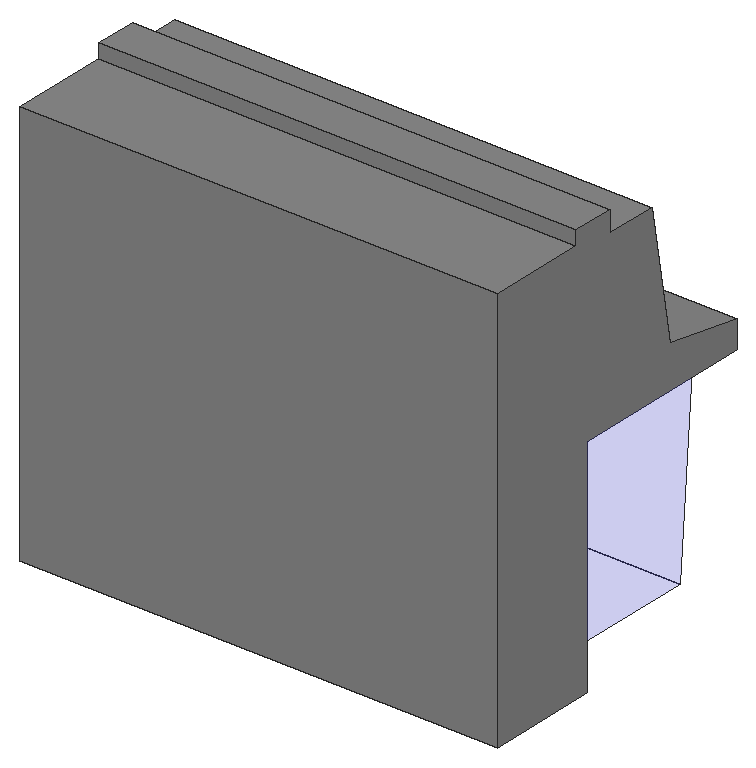
Revit family
Parameters (values of type "277V")
  Wattage = 70 W
  Wall Mount Material = Metal - Paint Finish - Dark Grey, Matte
  built-in parameter 1150110 = 1 (stored number, unit not read)
  built-in parameter 1114217 = 1 (stored number, unit not read)
  built-in parameter 1150109 = 1 (stored number, unit not read)
  built-in parameter 1150134 = 12
  built-in parameter 1150113 = 1 (stored number, unit not read)
  Shade Material = Glass
  built-in parameter 1150115 = 1 (stored number, unit not read)
  built-in parameter 1150105 = 437.67 (stored number, unit not read)
  Light Source Symbol Size = 609.6 mm
  built-in parameter 1150137 = 1
  built-in parameter 1150139 = (empty or 0)
  built-in parameter 1150112 = 1 (stored number, unit not read)
  built-in parameter 1150114 = 1 (stored number, unit not read)
  built-in parameter 1150132 = (empty or 0)
  built-in parameter 1150102 = (empty or 0)
  built-in parameter 1150138 = (empty or 0)
  built-in parameter 1150107 = 4000 (stored number, unit not read)
  built-in parameter 1150106 = 4.3767 (stored number, unit not read)
  built-in parameter 1150104 = 7.2994 (stored number, unit not read)
  Dimming Lamp Color Temperature Shift = (empty or 0)
  Color Filter = 16777215
  Ballast Voltage = 277 V
  Ballast Number of Poles = 1
  built-in parameter 1114218 = 1 (stored number, unit not read)
  built-in parameter 1150133 = 10 (stored number, unit not read)
  Assembly Code = "D5020230"
  Lumens = 5499.9 lm
  Mounting Height = 2700 mm
  Apparent Load = 70 VA
Types (3, lengths in mm): name | Ballast Voltage
  (no name) | 277 V
  120V | 120 V
  277V | 277 V
Reference planes
  plane 1: y = 0
  plane 2 "Light Source Axis": y = 228.6
  plane 3 "Light Source Axis": x = 121.764
  plane 4 "Light Source Elevation": z = 2515.85
  plane 5: z = 2700
  plane 6: z = 2331.7
  plane 7: x = 337.664
  plane 8: x = -94.136
  plane 9: y = 177.8
  plane 10: y = 76.2
  plane 11: x = -68.735
  plane 12: x = 312.264
Forms (mm)
  Extrusion 1, solid, material "Metal - Paint Finish - Dark Grey, Matte" <- "Wall Mount Material"
    sketch origin (-94.136, 177.8, 1817.14) x (0, -1, 0) y (0, 0, 1)
      loop
        line (12.7, 882.86) -> (12.7, 895.56) -> (-25.4, 895.56) -> (-25.4, 876.51) -> (-72.841, 876.51) -> (-93.843, 757.403) -> (-168.885, 744.172) -> (-168.885, 718.772) -> (0, 718.772) -> (0, 514.56) -> (101.6, 514.56) -> (101.6, 882.86) -> (12.7, 882.86)
    from -431.8 to 0
  Extrusion 2, solid, material "Glass" <- "Shade Material"
    sketch origin (-94.136, 177.8, 1817.14) x (0, -1, 0) y (0, 0, 1)
      loop
        line (-152.317, 717.76) -> (-137.221, 533.61) -> (0, 533.61) -> (0, 717.76) -> (-152.317, 717.76)
    from -406.4 to -25.401
Lines and regions (mm)
  symbolic lines
    curve 1: line (-94.136, 76.2, 0) -> (337.664, 76.2, 0)
    curve 3: line (-94.136, 346.685, 0) -> (337.664, 346.685, 0)
    curve 5: line (337.664, 165.1, 0) -> (-94.136, 165.1, 0)
    curve 7: line (-94.136, 346.685, 0) -> (-94.136, 165.1, 0)
    curve 8: line (337.664, 346.685, 0) -> (337.664, 165.1, 0)
  symbolic lines, detail levels coarse+medium
    curve 2: line (121.764, 76.2, 0) -> (121.764, 165.1, 0)
  symbolic lines, detail levels fine
    curve 4: line (-94.136, 165.1, 0) -> (-94.136, 346.685, 0)
    curve 6: line (337.664, 346.685, 0) -> (337.664, 165.1, 0)
    curve 9: line (-94.136, 346.685, 0) -> (-94.136, 76.2, 0)
    curve 10: line (337.664, 346.685, 0) -> (337.664, 76.2, 0)
Text (mm)
  text "Placement Side" at (0, 1019.848, 3124.603), in view "Right"
  text "Placement Side" at (-1209.637, 403.577, 0), in view "Ref. Level"
  text "Placement Side" at (0, 1399.752, 3156.667), in view "Left"
Dimensions and locks
  equal spacing: plane 6, plane 4 "Light Source Elevation", plane 5
  plane 6 to plane 5 = 368.3 mm
  equal spacing: plane 7, plane 3 "Light Source Axis", plane 8
  plane 7 to plane 8 = 431.8 mm
  "Mounting Height": level to plane 5
  locked: plane 10 to host wall
  locked: plane 8 to plane 11 at 25.401
  locked: plane 12 to plane 7 at 25.4
  locked: plane 9 to plane 10 at 101.6
  locked: plane 9 to plane 2 "Light Source Axis" at 50.8
  curve 1 to curve 5 = 88.9 mm
  aligned and locked: plane 7 to Extrusion 1
  aligned and locked: Extrusion 1 to plane 8
  aligned and locked: plane 11 to Extrusion 2
  aligned and locked: Extrusion 2 to plane 12
  aligned and locked: plane 3 "Light Source Axis" to imposter light
  aligned and locked: plane 2 "Light Source Axis" to imposter light
  aligned and locked: plane 4 "Light Source Elevation" to imposter light
Automatic sketch dimensions
  Extrusion 2 sketch curve to plane 9 = 0 mm
  Extrusion 2 sketch curve to plane 6 = 19.05 mm
  Extrusion 2 sketch curve to plane 2 "Light Source Axis" = 86.421 mm
  Extrusion 2 sketch curve to plane 4 "Light Source Elevation" = 19.05 mm
  Extrusion 2 sketch curve to plane 2 "Light Source Axis" = 101.517 mm
  Extrusion 1 sketch curve to plane 9 = 0 mm
  Extrusion 1 sketch curve to plane 5 = 0 mm
  Extrusion 1 sketch curve to host wall = 0 mm
  Extrusion 1 sketch curve to plane 6 = 0 mm
  plane 2 "Light Source Axis" to Extrusion 1 sketch curve = 25.4 mm
  Extrusion 1 sketch curve to plane 2 "Light Source Axis" = 43.043 mm
  Extrusion 1 sketch curve to plane 4 "Light Source Elevation" = 45.462 mm
  Extrusion 1 sketch curve to Extrusion 1 sketch curve = 75.042 mm
  Extrusion 1 sketch curve to plane 9 = 12.7 mm
  Extrusion 1 sketch curve to plane 4 "Light Source Elevation" = 20.062 mm
  Extrusion 1 sketch curve to plane 4 "Light Source Elevation" = 58.694 mm
  plane 5 to Extrusion 1 sketch curve = 6.35 mm
  Extrusion 1 sketch curve to Extrusion 1 sketch curve = 12.7 mm
  Extrusion 1 sketch curve to plane 2 "Light Source Axis" = 22.041 mm
  curve 1 to host wall = 0 mm
  curve 1 to plane 8 = 0 mm
  curve 2 to plane 3 "Light Source Axis" = 0 mm
  curve 10 to plane 7 = 0 mm
  curve 3 to plane 2 "Light Source Axis" = 118.085 mm
Connectors
  electrical at (121.764, 76.2, 2515.85), driven by "Apparent Load", driven by "Ballast Voltage", driven by "Ballast Number of Poles"
    settings: on Extrusion 1, index 1
